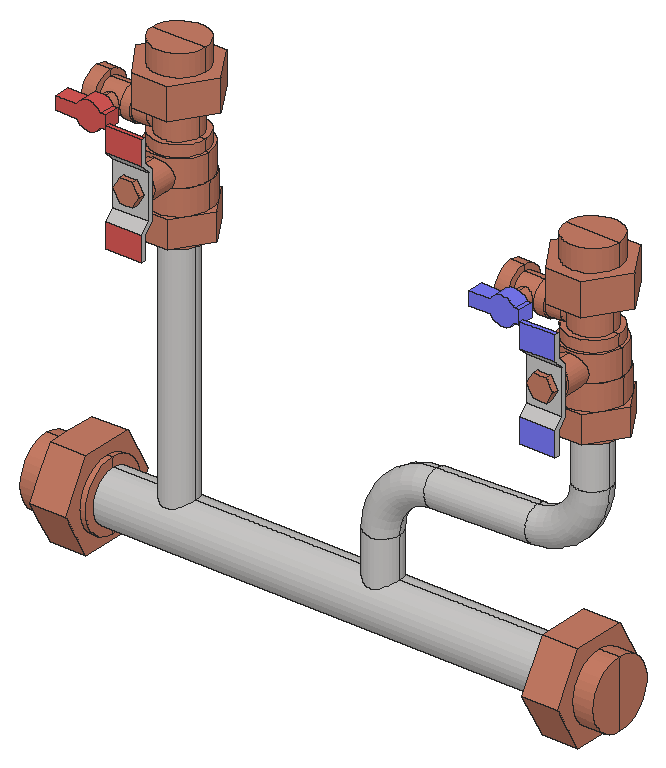
Revit family "Manifold-Navien-NFC-Primary-GFFMSKTZUS-001", category Pipe Fittings, Revit 2017
Family settings
  Round Connector Dimension = Use Radius
  Part Type = Multi Port
  OmniClass Number = 23.60.30.11.14
  OmniClass Title = Pipework Fittings
  Work Plane-Based = No
  Always vertical = Yes
  Cut with Voids When Loaded = No
  Shared = No
Parameters (values of type "NFC Manifold")
  Weight = 0.00 lbf
  Version = "2017 - v1.0.a"  # constant formula
  URL = "https://www.navieninc.com"
  Tick Size [instance] = 0"
  Product Page URL = "https://www.navieninc.com/series/nfc/models"
  Product Name = "Manifold"  # constant formula
  Product Documentation Link = "https://www.navieninc.com/downloads/nfc-brochure-en"
  Model = "GFFMSKTZUS-001"  # constant formula
  Material = ""
  Manufacturer Phone Number = "(949) 420-0420"  # constant formula
  Manufacturer Fax Number = "(949) 420-0430"  # constant formula
  Manufacturer Address = "20 Goodyear, Irvine, CA 92618"  # constant formula
  Manufacturer = "Navien, Inc."  # constant formula
  Loss Method = Not Defined
  Keynote = "22 33 00.A1"
  K Coefficient Table = "Tee"
  built-in parameter 1114238 [instance] = (empty or 0)
  Heating Supply = 0.5"  # constant formula
  Heating Return = 0.5"  # constant formula
  Finish = Metal - Navien - Carbon Steel
  Description = "NFC Primary Manifolds"  # constant formula
  Copyright = "All contents copyright © Navien Inc."  # constant formula
  Boiler Heating Supply Connection = 1.0"  # constant formula
  Boiler Heating Return Connection = 1.0"  # constant formula
  Assembly Code = "D3010500"
Reference planes (in)
  plane 1 "Center (Front/Back)": y = 0
  plane 2: z = 0
  plane 3 "Center (Left/Right)": x = 0
  plane 4 "Valve": y = -1.64724
  plane 5: x = 7.59093
  plane 6: z = 0.74694
  plane 7: x = -4.50907
Forms (in)
  Revolve 1, solid, material "Metal - Navien - Copper", detail levels fine
    sketch origin (-6, 0, 0) x (1, 0, 0) y (0, 0, 1)
      loop
        line (1.49093, 7.5478) -> (2.23884, 7.5478) -> (2.23884, 8.48882) -> (2.39274, 8.48882) -> (2.39274, 9.22203) -> (2.35353, 9.22203) -> (2.35353, 9.96701) -> (2.26139, 9.96701) -> (2.26139, 10.28069) -> (2.09867, 10.28069) -> (2.09867, 11.12369) -> (2.26531, 11.12369) -> (2.26531, 12.68814) -> (1.49093, 12.68814) -> (1.49093, 7.5478)
      axis (1.49093, 12.68814) -> (1.49093, 7.5478)
    angle from 0 to 360
  Extrusion 2, solid, material "Metal - Navien - Copper", detail levels fine
    sketch origin (0, 0, 0) x (1, 0, 0) y (0, 1, 0)
      loop
        line (-4.97422, 0.99329) -> (-5.64896, 0) -> (-4.97422, -0.99329) -> (-4.04392, -0.99329) -> (-3.40901, 0) -> (-4.04392, 0.99329) -> (-4.97422, 0.99329)
    from 7.70463 to 8.48882
  Sweep 3, solid, material "Metal - Navien - Carbon Steel", detail levels fine
    path origin (0, 0, 0) x (1, 0, 0) y (0, 0, 1)
      loop
        line (1.45075, 0) -> (1.45075, 1.90789)
        arc (1.45075, 1.90789) -> (1.9142, 3.0525) -> (3.04344, 3.55225) r 1.6452
        line (3.04344, 3.55225) -> (5.9975, 3.64656)
        arc (5.9975, 3.64656) -> (7.12726, 4.14654) -> (7.59093, 5.29168) r 1.64596
        line (7.59093, 5.29168) -> (7.59093, 11.18642)
    profile origin (1.45075, 0, 0.95394) x (-1, 0, 0) y (0, -1, 0)
      loop
        circle (0, 0) r 0.5
  Revolve 4, solid, material "Metal - Navien - Copper", detail levels fine
    sketch origin (0, 0, 0) x (1, 0, 0) y (0, 0, 1)
      loop
        line (-5.11682, 10.96097) -> (-5.59125, 10.96097) -> (-5.59125, 11.00606) -> (-5.86572, 11.00606) -> (-5.86572, 10.97269) -> (-6.51267, 10.97269) -> (-6.51267, 11.13545) -> (-6.90476, 11.13545) -> (-6.90476, 10.54731) -> (-4.86827, 10.54731) -> (-5.11682, 10.96097)
      axis (-6.90476, 10.54731) -> (-4.86827, 10.54731)
    angle from 0 to 360
  Extrusion 5, solid, material "Metal - Navien - Valve, Red", detail levels fine
    sketch origin (0, -1.64724, 0) x (0, 0, -1) y (1, 0, 0)
      loop
        line (-10.74336, -7.17718) -> (-10.35126, -7.17718) -> (-10.35126, -6.54983)
        arc (-10.35126, -6.54983) -> (-10.14541, -6.199) -> (-10.35126, -5.84816) r 0.4019
        line (-10.35126, -5.84816) -> (-10.35126, -5.71093) -> (-10.74336, -5.71093) -> (-10.74336, -5.84816)
        arc (-10.74336, -5.84816) -> (-10.94921, -6.199) -> (-10.74336, -6.54983) r 0.4019
        line (-10.74336, -6.54983) -> (-10.74336, -7.17718)
    from -0.90618 to -0.45528
  Revolve 6, solid, material "Metal - Navien - Copper", detail levels fine
    sketch origin (-6.199, -180, 10.68454) x (0, 0, 1) y (0, -1, 0)
      loop
        line (0.11763, -180) -> (0.11763, -179.25894) -> (-0.13723, -179.25894) -> (-0.13723, -180) -> (0.11763, -180)
      axis (-0.13723, -179.25894) -> (-0.13723, -180)
    angle from 0 to 360
  Revolve 7, solid, material "Metal - Navien - Copper", detail levels fine
    sketch origin (6.1, 0, -0.86261) x (1, 0, 0) y (0, 0, 1)
      loop
        line (1.49093, 7.5478) -> (2.23884, 7.5478) -> (2.23884, 8.48882) -> (2.39274, 8.48882) -> (2.39274, 9.22203) -> (2.35353, 9.22203) -> (2.35353, 9.96701) -> (2.26139, 9.96701) -> (2.26139, 10.28069) -> (2.09867, 10.28069) -> (2.09867, 11.12369) -> (2.26531, 11.12369) -> (2.26531, 12.68814) -> (1.49093, 12.68814) -> (1.49093, 7.5478)
      axis (1.49093, 12.68814) -> (1.49093, 7.5478)
    angle from 0 to 360
  Extrusion 8, solid, material "Metal - Navien - Copper", detail levels fine
    sketch origin (12.1, 0, -0.86261) x (1, 0, 0) y (0, 1, 0)
      loop
        line (-4.97422, 0.99329) -> (-5.64896, 0) -> (-4.97422, -0.99329) -> (-4.04392, -0.99329) -> (-3.40901, 0) -> (-4.04392, 0.99329) -> (-4.97422, 0.99329)
    from 7.70463 to 8.48882
  Revolve 9, solid, material "Metal - Navien - Copper", detail levels fine
    sketch origin (12.1, 0, -0.86261) x (1, 0, 0) y (0, 0, 1)
      loop
        line (-5.11682, 10.96097) -> (-5.59125, 10.96097) -> (-5.59125, 11.00606) -> (-5.86572, 11.00606) -> (-5.86572, 10.97269) -> (-6.51267, 10.97269) -> (-6.51267, 11.13545) -> (-6.90476, 11.13545) -> (-6.90476, 10.54731) -> (-4.86827, 10.54731) -> (-5.11682, 10.96097)
      axis (-6.90476, 10.54731) -> (-4.86827, 10.54731)
    angle from 0 to 360
  Extrusion 10, solid, material "Metal - Navien - Valve, Blue", detail levels fine
    sketch origin (12.1, -1.64724, -0.86261) x (0, 0, -1) y (1, 0, 0)
      loop
        line (-10.74336, -7.17718) -> (-10.35126, -7.17718) -> (-10.35126, -6.54983)
        arc (-10.35126, -6.54983) -> (-10.14541, -6.199) -> (-10.35126, -5.84816) r 0.4019
        line (-10.35126, -5.84816) -> (-10.35126, -5.71093) -> (-10.74336, -5.71093) -> (-10.74336, -5.84816)
        arc (-10.74336, -5.84816) -> (-10.94921, -6.199) -> (-10.74336, -6.54983) r 0.4019
        line (-10.74336, -6.54983) -> (-10.74336, -7.17718)
    from -0.90618 to -0.45528
  Revolve 11, solid, material "Metal - Navien - Copper", detail levels fine
    sketch origin (5.901, -180, 9.82194) x (0, 0, 1) y (0, -1, 0)
      loop
        line (0.11763, -180) -> (0.11763, -179.25894) -> (-0.13723, -179.25894) -> (-0.13723, -180) -> (0.11763, -180)
      axis (-0.13723, -179.25894) -> (-0.13723, -180)
    angle from 0 to 360
  Revolve 12, solid, material "Metal - Navien - Copper", detail levels fine
    sketch origin (7.59093, -180, 11.82553) x (0, 0, 1) y (0, -1, 0)
      loop
        line (-2.78386, -178.56298) -> (-2.88189, -178.56298) -> (-2.88189, -178.50416) -> (-2.8368, -178.50416) -> (-2.8368, -178.42575) -> (-3.04264, -178.42575) -> (-3.04264, -178.34733) -> (-3.04264, -178.2297) -> (-2.90737, -178.2297) -> (-2.90737, -178.06502) -> (-3.23869, -178.06502) -> (-3.23869, -180) -> (-2.78386, -180) -> (-2.78386, -178.56298)
      axis (-3.23869, -178.06502) -> (-3.23869, -180)
    angle from 0 to 360
  Extrusion 13, solid, material "Metal - Navien - Copper", detail levels fine
    sketch origin (0, -1.64724, 0) x (0, 0, -1) y (1, 0, 0)
      loop
        line (-8.91816, 7.78221) -> (-8.91816, 7.39964) -> (-8.58684, 7.20835) -> (-8.25552, 7.39964) -> (-8.25552, 7.78221) -> (-8.58684, 7.9735) -> (-8.91816, 7.78221)
    from 0.12306 to 0.28774
  Extrusion 14, solid, material "Metal - Navien - Carbon Steel", detail levels fine
    sketch origin (4.63286, 0.03696, 5.40525) x (0, 1, 0) y (0, 0, 1)
      loop
        line (-1.94449, 4.78917) -> (-2.06212, 4.78917) -> (-2.06212, 4.08145) -> (-1.80726, 3.81601) -> (-1.80726, 2.54718) -> (-2.06212, 2.28174) -> (-2.06212, 1.57402) -> (-1.94449, 1.57402) -> (-1.94449, 2.22999) -> (-1.68963, 2.49543) -> (-1.68963, 3.86776) -> (-1.94449, 4.1332) -> (-1.94449, 4.78917)
    from 2.44442 to 3.47171
  Revolve 15, solid, material "Metal - Navien - Copper", detail levels fine
    sketch origin (0, 0, 0) x (1, 0, 0) y (0, 0, 1)
      loop
        line (8.37511, 0) -> (8.37511, 0.97631) -> (7.76345, 0.97631) -> (7.76345, 1.30732) -> (6.7244, 1.30732) -> (6.7244, 1.00572) -> (6.54796, 1.00572) -> (6.54796, 0) -> (8.37511, 0)
      loop
        line (-8.37511, 0) -> (-6.44994, 0) -> (-6.44994, 1.00572) -> (-6.62638, 1.00572) -> (-6.62638, 1.30732) -> (-7.66542, 1.30732) -> (-7.66542, 1.17432) -> (-7.77129, 1.06845) -> (-7.77129, 0.97631) -> (-8.37511, 0.97631) -> (-8.37511, 0)
      axis (-8.37511, 0) -> (8.37511, 0)
    angle from 0 to 360
  Extrusion 16, solid, material "Metal - Navien - Copper", detail levels fine
    sketch origin (0, 0, 0) x (0, 1, 0) y (0, 0, 1)
      loop
        line (-0.75478, 1.30732) -> (-1.50956, 0) -> (-0.75478, -1.30732) -> (0.75478, -1.30732) -> (1.50956, 0) -> (0.75478, 1.30732) -> (-0.75478, 1.30732)
    from 6.7244 to 7.76345
  Extrusion 17, solid, material "Metal - Navien - Copper", detail levels fine
    sketch origin (-14.38983, 0, 0) x (0, 1, 0) y (0, 0, 1)
      loop
        line (-0.75478, 1.30732) -> (-1.50956, 0) -> (-0.75478, -1.30732) -> (0.75478, -1.30732) -> (1.50956, 0) -> (0.75478, 1.30732) -> (-0.75478, 1.30732)
    from 6.7244 to 7.76345
  Extrusion 18, solid, material "Metal - Navien - Carbon Steel", detail levels fine
    sketch origin (-7.46714, 0.03696, 6.26785) x (0, 1, 0) y (0, 0, 1)
      loop
        line (-1.94449, 4.78917) -> (-2.06212, 4.78917) -> (-2.06212, 4.08145) -> (-1.80726, 3.81601) -> (-1.80726, 2.54718) -> (-2.06212, 2.28174) -> (-2.06212, 1.57402) -> (-1.94449, 1.57402) -> (-1.94449, 2.22999) -> (-1.68963, 2.49543) -> (-1.68963, 3.86776) -> (-1.94449, 4.1332) -> (-1.94449, 4.78917)
    from 2.44442 to 3.47171
  Revolve 19, solid, material "Metal - Navien - Copper", detail levels fine
    sketch origin (-4.50907, -180, 12.68814) x (0, 0, 1) y (0, -1, 0)
      loop
        line (-2.78386, -178.56298) -> (-2.88189, -178.56298) -> (-2.88189, -178.50416) -> (-2.8368, -178.50416) -> (-2.8368, -178.42575) -> (-3.04264, -178.42575) -> (-3.04264, -178.34733) -> (-3.04264, -178.2297) -> (-2.90737, -178.2297) -> (-2.90737, -178.06502) -> (-3.23869, -178.06502) -> (-3.23869, -180) -> (-2.78386, -180) -> (-2.78386, -178.56298)
      axis (-3.23869, -178.06502) -> (-3.23869, -180)
    angle from 0 to 360
  Extrusion 20, solid, material "Metal - Navien - Copper", detail levels fine
    sketch origin (-12.1, -1.64724, 0.86261) x (0, 0, -1) y (1, 0, 0)
      loop
        line (-8.91816, 7.78221) -> (-8.91816, 7.39964) -> (-8.58684, 7.20835) -> (-8.25552, 7.39964) -> (-8.25552, 7.78221) -> (-8.58684, 7.9735) -> (-8.91816, 7.78221)
    from 0.12306 to 0.28774
  Revolve 21, solid, material "Metal - Navien - Carbon Steel", detail levels fine
    sketch origin (-6, 0, 0) x (1, 0, 0) y (0, 0, 1)
      loop
        line (1.98889, 7.5478) -> (1.49093, 7.5478) -> (1.49093, 0) -> (1.98889, 0) -> (1.98889, 7.5478)
      axis (1.49093, 7.5478) -> (1.49093, 0)
    angle from 0 to 360
  Revolve 22, solid, material "Metal - Navien - Carbon Steel", detail levels fine
    sketch origin (0, 0, 0) x (1, 0, 0) y (0, 0, 1)
      loop
        line (6.54796, 0) -> (6.54796, 0.74694) -> (-6.44994, 0.74694) -> (-6.44994, 0) -> (6.54796, 0)
      axis (-6.44994, 0) -> (6.54796, 0)
    angle from 0 to 360
  Extrusion 23, solid, material "Metal - Navien - Copper", detail levels fine
    sketch origin (0, 0, 3.41905) x (1, 0, 0) y (0, 1, 0)
      loop
        line (-5.02303, 1.09752) -> (-5.76857, 0) -> (-5.02303, -1.09752) -> (-3.99512, -1.09752) -> (-3.29358, 0) -> (-3.99512, 1.09752) -> (-5.02303, 1.09752)
    from 7.70463 to 8.62997
  Extrusion 24, solid, material "Metal - Navien - Copper", detail levels fine
    sketch origin (12.122, 0, 2.55645) x (1, 0, 0) y (0, 1, 0)
      loop
        line (-5.02303, 1.09752) -> (-5.76857, 0) -> (-5.02303, -1.09752) -> (-3.99512, -1.09752) -> (-3.29358, 0) -> (-3.99512, 1.09752) -> (-5.02303, 1.09752)
    from 7.70463 to 8.62997
Cuts and joins
  joined: Revolve 1, Extrusion 2, Revolve 4, Revolve 6, Revolve 19, Extrusion 20, Extrusion 23
  joined: Revolve 7, Extrusion 8, Revolve 9, Revolve 11, Revolve 12, Extrusion 13, Extrusion 24
  joined: Revolve 15, Extrusion 16, Extrusion 17
  joined: Sweep 3, Revolve 21, Revolve 22
Lines and regions (in)
  Split face 1
    outline origin (-5.02272, 0.03696, 6.26785) x (0, 1, 0) y (0, 0, 1)
      loop
        line (-1.94449, 2.22999) -> (-2.06212, 2.28174)
      loop
        line (-1.94449, 4.1332) -> (-2.06212, 4.08145)
  Split face 2
    outline origin (-3.99543, 0.03696, 6.26785) x (0, 1, 0) y (0, 0, 1)
      loop
        line (-2.06212, 4.08145) -> (-1.94449, 4.1332)
      loop
        line (-2.06212, 2.28174) -> (-1.94449, 2.22999)
  Split face 3
    outline origin (7.07728, 0.03696, 5.40525) x (0, 1, 0) y (0, 0, 1)
      loop
        line (-1.94449, 4.1332) -> (-2.06212, 4.08145)
      loop
        line (-1.94449, 2.22999) -> (-2.06212, 2.28174)
  Split face 4
    outline origin (8.10457, 0.03696, 5.40525) x (0, 1, 0) y (0, 0, 1)
      loop
        line (-2.06212, 4.08145) -> (-1.94449, 4.1332)
      loop
        line (-2.06212, 2.28174) -> (-1.94449, 2.22999)
  model lines, detail levels coarse+medium
    curve 1: line (-4.50718, 0, 10.04162) -> (-5.15403, 0, 12.68814)
    curve 2: line (-5.15403, 0, 12.68814) -> (-3.86412, 0, 12.68814)
    curve 3: line (-3.86412, 0, 12.68814) -> (-4.50718, 0, 10.04162)
    curve 4: line (-5.15535, 0, 7.70463) -> (-3.8628, 0, 7.70463)
    curve 5: line (-3.8628, 0, 7.70463) -> (-4.50718, 0, 10.04162)
    curve 6: line (-5.15535, 0, 7.70463) -> (-4.50718, 0, 10.04162)
    curve 7: line (7.59282, 0, 9.17902) -> (6.94597, 0, 11.82553)
    curve 8: line (6.94597, 0, 11.82553) -> (8.23588, 0, 11.82553)
    curve 9: line (8.23588, 0, 11.82553) -> (7.59282, 0, 9.17902)
    curve 10: line (6.94465, 0, 6.84203) -> (8.2372, 0, 6.84203)
    curve 11: line (8.2372, 0, 6.84203) -> (7.59282, 0, 9.17902)
    curve 12: line (6.94465, 0, 6.84203) -> (7.59282, 0, 9.17902)
    curve 13: line (-4.50907, 0, 7.70463) -> (-4.50907, 0, 0)
    curve 14: line (-8.37511, 0, 0) -> (8.37511, 0, 0)
    curve 15: line (1.45075, 0, 0) -> (1.45075, 0, 1.90789)
    curve 16: line (5.9975, 0, 3.64656) -> (3.04344, 0, 3.55225)
    curve 17: line (7.59093, 0, 5.29168) -> (7.59093, 0, 6.68519)
    curve 18: arc (7.59093, 0, 5.29168) -> (7.12726, 0, 4.14654) -> (5.9975, 0, 3.64656) r 1.64596
    curve 19: arc (1.45075, 0, 1.90789) -> (1.9142, 0, 3.0525) -> (3.04344, 0, 3.55225) r 1.6452
Dimensions and locks (in)
  Revolve 1 sketch curve to plane 3 "Center (Left/Right)" = 4.50907"  (x18)
  Revolve 1 sketch curve to level = 7.5478"  (x3)
  Revolve 1 sketch curve to level = 12.68814"  (x3)
  locked: Revolve 1 sketch curve to level at 21.25  (x3)
  locked: Revolve 1 sketch curve to level at 4  (x3)
  Extrusion 2 sketch curve to plane 3 "Center (Left/Right)" = 3.40901"  (x6)
  Extrusion 2 sketch curve to plane 3 "Center (Left/Right)" = 4.04392"  (x12)
  Extrusion 2 sketch curve to plane 3 "Center (Left/Right)" = 4.97422"  (x12)
  Extrusion 2 sketch curve to plane 3 "Center (Left/Right)" = 5.64896"  (x6)
  Extrusion 2 to plane 1 "Center (Front/Back)" = 0.99329"  (x6)
  Extrusion 2 sketch curve to plane 1 "Center (Front/Back)" = 0.99329"  (x30)
  Extrusion 2 to level = 8.48882"  (x3)
  Extrusion 2 to level = 7.70463"  (x3)
  locked: plane 4 "Valve" to plane 1 "Center (Front/Back)" at 1.64724
  Sweep 3 sketch curve to level = 0.95394"  (x4)
  Revolve 4 sketch curve to Revolve 4 sketch curve to Revolve 4 sketch curve to Revolve 4 sketch curve to Revolve 4 sketch curve to level = 0.16276" locked, 0.01172" locked, 0.41366" locked, 0.0" locked, 10.54731" locked
  plane 3 "Center (Left/Right)" to Revolve 4 sketch curve to Revolve 4 sketch curve to Revolve 4 sketch curve to Revolve 4 sketch curve to Revolve 4 sketch curve to Revolve 4 sketch curve = 4.86827" locked, 0.24855" locked, 0.47443" locked, 0.27447" locked, 0.64695" locked, 0.39209" locked
  plane 3 "Center (Left/Right)" to Extrusion 5 sketch curve to Extrusion 5 sketch curve to Extrusion 5 sketch curve to Extrusion 5 sketch curve to Extrusion 5 sketch curve to Extrusion 5 sketch curve = 5.71093" locked, 0.13723" locked, 0.0" locked, 0.70167" locked, 0.0" locked, 0.62735" locked
  Extrusion 5 sketch curve to Extrusion 5 sketch curve to Extrusion 5 sketch curve to Extrusion 5 sketch curve to Extrusion 5 sketch curve to Extrusion 5 sketch curve to level = 0.20585" locked, 0.0" locked, 0.39209" locked, 0.0" locked, 0.20585" locked, 10.14541" locked
  Extrusion 5 to Extrusion 5 to plane 1 "Center (Front/Back)" = 0.45091" locked, 0.74106" locked
  Revolve 6 sketch curve to plane 1 "Center (Front/Back)" to Revolve 6 sketch curve = 0.74106" locked, 0.0" locked
  Revolve 6 sketch curve to Revolve 6 sketch curve to level = 0.25486" locked, 10.54731" locked
  Extrusion 14 to Extrusion 14 to plane 3 "Center (Left/Right)" to Extrusion 18 to Extrusion 18 to cut or joined group of Revolve 1, Extrusion 2, Revolve 4, Revolve 6, Revolve 19, Extrusion 20, Extrusion 23 to cut or joined group of Revolve 1, Extrusion 2, Revolve 4, Revolve 6, Revolve 19, Extrusion 20, Extrusion 23 = 1.02728" locked, 7.07728" locked, 3.99543" locked, 1.02728" locked, 0.92142" locked, 0.96063" locked
  plane 3 "Center (Left/Right)" to Revolve 1 sketch curve to Revolve 1 sketch curve to Revolve 1 sketch curve to Revolve 1 sketch curve to Revolve 1 sketch curve to Revolve 1 sketch curve to Revolve 1 sketch curve = 3.60726" locked, 0.03921" locked, 0.08822" locked, 0.00392" locked, 0.02255" locked, 0.14017" locked, 0.60774" locked
  Revolve 1 sketch curve to Revolve 1 sketch curve to Revolve 1 sketch curve to Revolve 1 sketch curve to Revolve 1 sketch curve to Revolve 1 sketch curve to Revolve 1 sketch curve to level = 1.56445" locked, 0.843" locked, 0.31367" locked, 0.74498" locked, 0.73321" locked, 0.94102" locked, 7.5478" locked
  Extrusion 23 sketch curve to Extrusion 23 sketch curve to plane 3 "Center (Left/Right)" = 2.47498" locked, 3.29358" locked
  Extrusion 23 sketch curve to plane 1 "Center (Front/Back)" to Extrusion 23 sketch curve = 1.09752" locked, 1.09752" locked
  cut or joined group of Revolve 1, Extrusion 2, Revolve 4, Revolve 6, Revolve 19, Extrusion 20, Extrusion 23 to cut or joined group of Revolve 7, Extrusion 8, Revolve 9, Revolve 11, Revolve 12, Extrusion 13, Extrusion 24 to cut or joined group of Revolve 1, Extrusion 2, Revolve 4, Revolve 6, Revolve 19, Extrusion 20, Extrusion 23 to cut or joined group of Revolve 7, Extrusion 8, Revolve 9, Revolve 11, Revolve 12, Extrusion 13, Extrusion 24 to cut or joined group of Revolve 7, Extrusion 8, Revolve 9, Revolve 11, Revolve 12, Extrusion 13, Extrusion 24 to cut or joined group of Revolve 1, Extrusion 2, Revolve 4, Revolve 6, Revolve 19, Extrusion 20, Extrusion 23 to cut or joined group of Revolve 7, Extrusion 8, Revolve 9, Revolve 11, Revolve 12, Extrusion 13, Extrusion 24 to cut or joined group of Revolve 1, Extrusion 2, Revolve 4, Revolve 6, Revolve 19, Extrusion 20, Extrusion 23 to cut or joined group of Revolve 7, Extrusion 8, Revolve 9, Revolve 11, Revolve 12, Extrusion 13, Extrusion 24 to cut or joined group of Revolve 7, Extrusion 8, Revolve 9, Revolve 11, Revolve 12, Extrusion 13, Extrusion 24 to level = 0.86261" locked, 0.06273" locked, 0.86261" locked, 1.34292" locked, 0.42934" locked, 0.2333" locked, 0.55089" locked, 0.07842" locked, 0.78419" locked, 6.84203" locked
  Extrusion 18 sketch curve to Extrusion 18 sketch curve to Extrusion 18 sketch curve to Extrusion 18 sketch curve to Extrusion 18 sketch curve to Extrusion 18 sketch curve to plane 1 "Center (Front/Back)" = 0.0" locked, 0.11763" locked, 0.0" locked, 0.13723" locked, 0.11763" locked, 1.65267" locked
  Extrusion 18 sketch curve to Extrusion 18 sketch curve to level = 3.21515" locked, 7.84188" locked
  plane 3 "Center (Left/Right)" to Extrusion 18 to Extrusion 18 = 3.99543" locked, 1.02728" locked
  plane 3 "Center (Left/Right)" to Revolve 21 sketch curve to Revolve 21 sketch curve to Revolve 21 sketch curve = 4.01111" locked, 0.49796" locked, 0.0" locked
  Revolve 21 sketch curve to level to Revolve 21 sketch curve = 7.5478" locked, 0.0" locked
  Revolve 15 sketch curve to Revolve 15 sketch curve to Revolve 15 sketch curve to Revolve 15 sketch curve to Revolve 15 sketch curve to Revolve 15 sketch curve to level = 0.0" locked, 0.3016" locked, 0.0" locked, 0.02941" locked, 0.0" locked, 0.97631" locked
  Revolve 15 sketch curve to Revolve 15 sketch curve to plane 3 "Center (Left/Right)" to Revolve 15 sketch curve to Revolve 15 sketch curve = 1.82715" locked, 6.54796" locked, 6.44994" locked, 1.92518" locked
  Revolve 22 sketch curve to plane 3 "Center (Left/Right)" to Revolve 22 sketch curve = 6.54796" locked, 6.44994" locked
  Revolve 22 sketch curve to level to Revolve 22 sketch curve to Revolve 22 sketch curve = 0.74694" locked, 0.0" locked, 0.0" locked
  Sweep 3 sketch curve to Sweep 3 sketch curve to Sweep 3 sketch curve to Sweep 3 sketch curve to plane 3 "Center (Left/Right)" = 1.59343" locked, 2.95406" locked, 1.59269" locked, 1.45075" locked
  Sweep 3 sketch curve to Sweep 3 sketch curve to Sweep 3 sketch curve to Sweep 3 sketch curve to Sweep 3 sketch curve to level to Sweep 3 sketch curve = 5.89474" locked, 1.64512" locked, 0.09432" locked, 1.64436" locked, 1.90789" locked, 0.0" locked
  locked: plane 3 "Center (Left/Right)" to Sweep 3 sketch curve at 0.95075
  locked: Sweep 3 sketch curve to plane 1 "Center (Front/Back)" at 0.5
  Extrusion 2 sketch curve to Extrusion 2 sketch curve to Extrusion 2 sketch curve to Extrusion 2 sketch curve to Extrusion 2 sketch curve to Extrusion 2 sketch curve to plane 3 "Center (Left/Right)" = 0.67474" locked, 0.0" locked, 0.9303" locked, 0.0" locked, 0.63491" locked, 3.40901" locked
  Extrusion 2 sketch curve to plane 1 "Center (Front/Back)" to Extrusion 2 sketch curve = 0.99329" locked, 0.99329" locked
  Revolve 7 sketch curve to Revolve 7 sketch curve to Revolve 7 sketch curve to Revolve 7 sketch curve to Revolve 7 sketch curve to Revolve 7 sketch curve to plane 3 "Center (Left/Right)" = 0.03921" locked, 0.08822" locked, 0.00392" locked, 0.02255" locked, 0.14017" locked, 8.19867" locked
  Revolve 7 sketch curve to Revolve 7 sketch curve to Revolve 7 sketch curve to Revolve 7 sketch curve to Revolve 7 sketch curve to Revolve 7 sketch curve to Revolve 7 sketch curve to level = 1.56445" locked, 0.843" locked, 0.31367" locked, 0.74498" locked, 0.73321" locked, 0.94102" locked, 6.68519" locked
  Revolve 19 sketch curve to plane 1 "Center (Front/Back)" to Revolve 19 sketch curve = 1.93498" locked, 0.0" locked
  Revolve 19 sketch curve to Revolve 19 sketch curve to Revolve 19 sketch curve to level = 0.45483" locked, 0.0" locked, 9.44945" locked
  locked: Revolve 19 sketch curve to plane 3 "Center (Left/Right)" at 4.50907
  Extrusion 20 sketch curve to Extrusion 20 sketch curve to level = 0.66264" locked, 9.11813" locked
  plane 3 "Center (Left/Right)" to Extrusion 20 sketch curve to Extrusion 20 sketch curve to Extrusion 20 sketch curve to Extrusion 20 sketch curve to Extrusion 20 sketch curve to Extrusion 20 sketch curve = 4.1265" locked, 0.19129" locked, 0.0" locked, 0.38257" locked, 0.0" locked, 0.19129" locked
  Extrusion 14 to cut or joined group of Revolve 1, Extrusion 2, Revolve 4, Revolve 6, Revolve 19, Extrusion 20, Extrusion 23 to Extrusion 14 to cut or joined group of Revolve 1, Extrusion 2, Revolve 4, Revolve 6, Revolve 19, Extrusion 20, Extrusion 23 to Extrusion 5 to Extrusion 10 to cut or joined group of Revolve 15, Extrusion 16, Extrusion 17 to Extrusion 5 to Extrusion 10 to plane 1 "Center (Front/Back)" to cut or joined group of Revolve 15, Extrusion 16, Extrusion 17 = 0.09018" locked, 0.02745" locked, 0.13723" locked, 0.57834" locked, 0.0" locked, 0.43718" locked, 0.01372" locked, 0.0" locked, 0.74106" locked, 0.75478" locked
  Revolve 9 sketch curve to Revolve 9 sketch curve to Revolve 9 sketch curve to Revolve 9 sketch curve to Revolve 9 sketch curve to level = 0.12939" locked, 0.03337" locked, 0.01172" locked, 0.41366" locked, 9.68471" locked
  Revolve 9 sketch curve to Revolve 9 sketch curve to Revolve 9 sketch curve to Revolve 9 sketch curve to Revolve 9 sketch curve to plane 3 "Center (Left/Right)" = 0.72298" locked, 0.27447" locked, 0.64695" locked, 0.39209" locked, 5.19524" locked
  Extrusion 10 sketch curve to Extrusion 10 sketch curve to plane 3 "Center (Left/Right)" = 1.46625" locked, 4.92282" locked
  Extrusion 10 sketch curve to Extrusion 10 sketch curve to Extrusion 10 sketch curve to Extrusion 10 sketch curve to Extrusion 10 sketch curve to Extrusion 10 sketch curve to level = 0.20585" locked, 0.0" locked, 0.39209" locked, 0.0" locked, 0.20585" locked, 9.28281" locked
  Extrusion 14 sketch curve to Extrusion 14 sketch curve to Extrusion 14 sketch curve to Extrusion 14 sketch curve to Extrusion 14 sketch curve to Extrusion 14 sketch curve to plane 1 "Center (Front/Back)" = 0.0" locked, 0.11763" locked, 0.0" locked, 0.13723" locked, 0.11763" locked, 1.65267" locked
  Extrusion 14 sketch curve to Extrusion 14 sketch curve to Extrusion 14 sketch curve to Extrusion 14 sketch curve to Extrusion 14 sketch curve to Extrusion 14 sketch curve to level = 0.92141" locked, 0.05175" locked, 1.26883" locked, 0.05175" locked, 0.92141" locked, 6.97927" locked
  Revolve 11 sketch curve to plane 1 "Center (Front/Back)" to Revolve 11 sketch curve = 0.74106" locked, 0.0" locked
  Revolve 11 sketch curve to Revolve 11 sketch curve to level = 0.25486" locked, 9.68471" locked
  cut or joined group of Revolve 7, Extrusion 8, Revolve 9, Revolve 11, Revolve 12, Extrusion 13, Extrusion 24 to cut or joined group of Revolve 7, Extrusion 8, Revolve 9, Revolve 11, Revolve 12, Extrusion 13, Extrusion 24 to cut or joined group of Revolve 7, Extrusion 8, Revolve 9, Revolve 11, Revolve 12, Extrusion 13, Extrusion 24 to cut or joined group of Revolve 7, Extrusion 8, Revolve 9, Revolve 11, Revolve 12, Extrusion 13, Extrusion 24 to cut or joined group of Revolve 7, Extrusion 8, Revolve 9, Revolve 11, Revolve 12, Extrusion 13, Extrusion 24 to plane 3 "Center (Left/Right)" = 0.57862" locked, 0.18653" locked, 1.05249" locked, 0.50972" locked, 5.64614" locked
  plane 3 "Center (Left/Right)" to Extrusion 8 sketch curve to Extrusion 8 sketch curve = 6.45104" locked, 2.23995" locked
  Extrusion 8 sketch curve to plane 1 "Center (Front/Back)" to Extrusion 8 sketch curve = 0.99329" locked, 0.99329" locked
  Extrusion 24 sketch curve to plane 1 "Center (Front/Back)" to Extrusion 24 sketch curve = 1.09752" locked, 1.09752" locked
  plane 3 "Center (Left/Right)" to Extrusion 24 sketch curve to Extrusion 24 sketch curve = 6.35343" locked, 2.47498" locked
  locked: plane 3 "Center (Left/Right)" to cut or joined group of Revolve 1, Extrusion 2, Revolve 4, Revolve 6, Revolve 19, Extrusion 20, Extrusion 23 at 3.60726
  plane 3 "Center (Left/Right)" to cut or joined group of Revolve 1, Extrusion 2, Revolve 4, Revolve 6, Revolve 19, Extrusion 20, Extrusion 23 to cut or joined group of Revolve 1, Extrusion 2, Revolve 4, Revolve 6, Revolve 19, Extrusion 20, Extrusion 23 = 3.29358" locked, 0.11543" locked
  cut or joined group of Revolve 1, Extrusion 2, Revolve 4, Revolve 6, Revolve 19, Extrusion 20, Extrusion 23 to cut or joined group of Revolve 1, Extrusion 2, Revolve 4, Revolve 6, Revolve 19, Extrusion 20, Extrusion 23 to plane 3 "Center (Left/Right)" = 0.39209" locked, 6.51267" locked
  Extrusion 5 to Extrusion 5 to plane 3 "Center (Left/Right)" = 1.46625" locked, 5.71093" locked
  locked: Revolve 6 sketch curve to plane 3 "Center (Left/Right)" at 6.199
  locked: cut or joined group of Revolve 7, Extrusion 8, Revolve 9, Revolve 11, Revolve 12, Extrusion 13, Extrusion 24 to level at 6.84203
  Revolve 12 sketch curve to Revolve 12 sketch curve to Revolve 12 sketch curve to Revolve 12 sketch curve to level = 0.12351" locked, 0.33132" locked, 0.0" locked, 8.58684" locked
  Revolve 12 sketch curve to plane 1 "Center (Front/Back)" to Revolve 12 sketch curve = 1.93498" locked, 0.0" locked
  locked: plane 3 "Center (Left/Right)" to Revolve 12 sketch curve at 7.59093
  locked: cut or joined group of Revolve 1, Extrusion 2, Revolve 4, Revolve 6, Revolve 19, Extrusion 20, Extrusion 23 to plane 3 "Center (Left/Right)" at 3.29358
  plane 3 "Center (Left/Right)" to Extrusion 5 sketch curve to Extrusion 5 sketch curve = 5.71093" locked, 1.46625" locked
  Extrusion 13 sketch curve to Extrusion 13 sketch curve to Extrusion 13 sketch curve to Extrusion 13 sketch curve to Extrusion 13 sketch curve to Extrusion 13 sketch curve to plane 3 "Center (Left/Right)" = 0.19129" locked, 0.0" locked, 0.38257" locked, 0.0" locked, 0.19129" locked, 7.20835" locked
  Extrusion 13 sketch curve to Extrusion 13 sketch curve to Extrusion 13 sketch curve to Extrusion 13 sketch curve to level = 0.33132" locked, 0.0" locked, 0.33132" locked, 8.25552" locked
  Extrusion 14 sketch curve to Extrusion 14 sketch curve to plane 1 "Center (Front/Back)" = 0.11763" locked, 1.65267" locked
  cut or joined group of Revolve 15, Extrusion 16, Extrusion 17 to cut or joined group of Revolve 15, Extrusion 16, Extrusion 17 to cut or joined group of Revolve 15, Extrusion 16, Extrusion 17 to cut or joined group of Sweep 3, Revolve 21, Revolve 22 to plane 3 "Center (Left/Right)" to cut or joined group of Sweep 3, Revolve 21, Revolve 22 to cut or joined group of Revolve 15, Extrusion 16, Extrusion 17 to cut or joined group of Revolve 15, Extrusion 16, Extrusion 17 to cut or joined group of Revolve 15, Extrusion 16, Extrusion 17 = 0.61167" locked, 1.03905" locked, 0.17644" locked, 6.54796" locked, 6.44994" locked, 0.17644" locked, 1.03905" locked, 0.70969" locked
  Extrusion 16 sketch curve to Extrusion 16 sketch curve to Extrusion 16 sketch curve to plane 1 "Center (Front/Back)" to Extrusion 16 sketch curve to Extrusion 16 sketch curve to Extrusion 16 sketch curve = 0.75478" locked, 0.0" locked, 0.75478" locked, 0.75478" locked, 0.0" locked, 0.75478" locked
  Extrusion 16 sketch curve to level to Extrusion 16 sketch curve to Extrusion 16 sketch curve to Extrusion 16 sketch curve = 1.30732" locked, 0.0" locked, 0.0" locked, 1.30732" locked
  Extrusion 17 sketch curve to Extrusion 17 sketch curve to Extrusion 17 sketch curve to plane 1 "Center (Front/Back)" to Extrusion 17 sketch curve to Extrusion 17 sketch curve to Extrusion 17 sketch curve = 0.75478" locked, 0.0" locked, 0.75478" locked, 0.75478" locked, 0.0" locked, 0.75478" locked
  Extrusion 17 sketch curve to level to Extrusion 17 sketch curve to Extrusion 17 sketch curve to Extrusion 17 sketch curve = 1.30732" locked, 0.0" locked, 0.0" locked, 1.30732" locked
  plane 1 "Center (Front/Back)" to Extrusion 18 sketch curve to Extrusion 18 sketch curve = 1.65267" locked, 0.11763" locked
  plane 1 "Center (Front/Back)" to Extrusion 14 to Extrusion 18 to Extrusion 14 to Extrusion 18 = 1.90753" locked, 0.0" locked, 0.11763" locked, 0.0" locked
  plane 3 "Center (Left/Right)" to Extrusion 20 sketch curve to Extrusion 20 sketch curve = 4.1265" locked, 0.76515" locked
  plane 3 "Center (Left/Right)" to cut or joined group of Revolve 1, Extrusion 2, Revolve 4, Revolve 6, Revolve 19, Extrusion 20, Extrusion 23 to cut or joined group of Revolve 1, Extrusion 2, Revolve 4, Revolve 6, Revolve 19, Extrusion 20, Extrusion 23 = 4.1265" locked, 0.76515" locked
  cut or joined group of Sweep 3, Revolve 21, Revolve 22 to cut or joined group of Sweep 3, Revolve 21, Revolve 22 to level = 0.0" locked, 0.74694" locked
  locked: plane 3 "Center (Left/Right)" to Revolve 11 sketch curve at 5.901
  cut or joined group of Revolve 15, Extrusion 16, Extrusion 17 to cut or joined group of Revolve 15, Extrusion 16, Extrusion 17 to level to cut or joined group of Revolve 15, Extrusion 16, Extrusion 17 to cut or joined group of Revolve 15, Extrusion 16, Extrusion 17 = 0.0" locked, 1.30732" locked, 1.30732" locked, 0.0" locked
  cut or joined group of Revolve 15, Extrusion 16, Extrusion 17 to level to cut or joined group of Revolve 15, Extrusion 16, Extrusion 17 = 1.30732" locked, 1.30732" locked
  aligned and locked: plane 1 "Center (Front/Back)" to Revolve 4 sketch curve
  aligned and locked: plane 1 "Center (Front/Back)" to Revolve 1 sketch curve  (x2)
  aligned and locked: plane 1 "Center (Front/Back)" to Revolve 21 sketch curve
  aligned and locked: plane 1 "Center (Front/Back)" to Revolve 7 sketch curve
  aligned and locked: Revolve 7 sketch curve to plane 1 "Center (Front/Back)"
  aligned and locked: Revolve 22 sketch curve to level
Connectors (in)
  piping at (-4.50907, 0, 12.68814), diameter 1
    settings: on cut or joined group of Revolve 1, Extrusion 2, Revolve 4, Revolve 6, Revolve 19, Extrusion 20, Extrusion 23, index 1, connector inside diameter 24", connector length 0.0", flow factor 0, pipe flow 0 GPM, pressure drop 0.00 psi, fitting loss kfactor 0, connector angle 0.00°, fixture units 0, engagement length 0.0", angle of deflection 0.00°, flow configuration 0, flow direction 1, fitting loss method 0, system type 7, joint type 0, gender type 0, connector reference index -1, connector utility 0, adjustable connector no, is connector primary yes, connector description "Heating Supply Connection"
  piping at (7.59093, 0, 11.82553), diameter 1
    settings: on cut or joined group of Revolve 7, Extrusion 8, Revolve 9, Revolve 11, Revolve 12, Extrusion 13, Extrusion 24, index 2, connector inside diameter 24", connector length 0.0", flow factor 0, pipe flow 0 GPM, pressure drop 0.00 psi, fitting loss kfactor 0, connector angle 0.00°, fixture units 0, engagement length 0.0", angle of deflection 0.00°, flow configuration 0, flow direction 2, fitting loss method 0, system type 7, joint type 0, gender type 0, connector reference index -1, connector utility 0, adjustable connector no, is connector primary no, connector description "Heating Return Connection"
  piping at (-8.37511, 0, 0), diameter 0.5
    settings: on cut or joined group of Revolve 15, Extrusion 16, Extrusion 17, index 3, connector inside diameter 24", connector length 0.0", flow factor 0, pipe flow 0 GPM, pressure drop 0.00 psi, fitting loss kfactor 0, connector angle 0.00°, fixture units 0, engagement length 0.0", angle of deflection 0.00°, flow configuration 0, flow direction 0, fitting loss method 0, system type 7, joint type 0, gender type 0, connector reference index -1, connector utility 0, adjustable connector no, is connector primary no, connector description "Heating Supply Connection"
  piping at (8.37511, 0, 0), diameter 0.5
    settings: on cut or joined group of Revolve 15, Extrusion 16, Extrusion 17, index 4, connector inside diameter 24", connector length 0.0", flow factor 0, pipe flow 0 GPM, pressure drop 0.00 psi, fitting loss kfactor 0, connector angle 0.00°, fixture units 0, engagement length 0.0", angle of deflection 0.00°, flow configuration 0, flow direction 0, fitting loss method 0, system type 7, joint type 0, gender type 0, connector reference index -1, connector utility 0, adjustable connector no, is connector primary no, connector description "Heating Return Connection"
